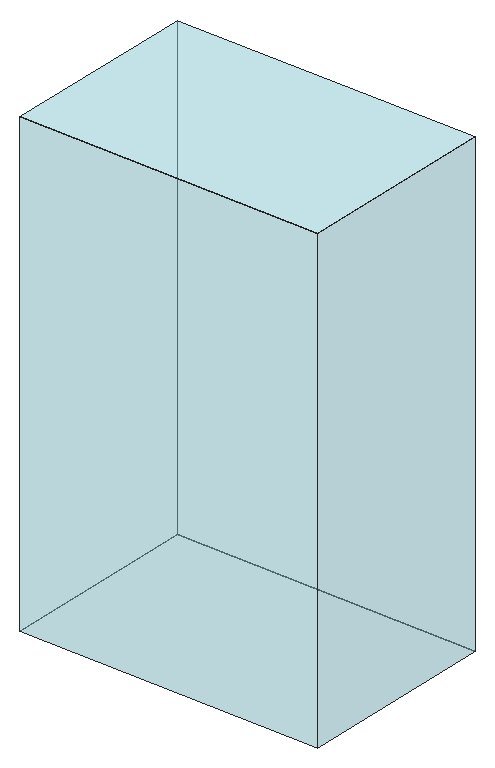
Revit family "АВЛН_Лифт с противовесом", category Специальное оборудование, Revit 2019
Family settings
  Размер круглого соединителя = Использовать диаметр
  Тип детали = Нормальный
  Всегда вертикально = Да
  При загрузке вырезать с полостями = Нет
  Общий = Нет
  Точка расчета площади = Нет
Parameters (values of type "Для Копирования")
  Штрина противовеса = 900 mm
  Ширина короба противовеса = 1000 mm
  Ширина кабины = 2100 mm
  Шахта_Ширина = 2650 mm
  Шахта_Приямок = 0 mm
  Шахта_Отступ проема B = 1060 mm
  Шахта_Отступ проема A = 390 mm
  Шахта_Маш.отд. = 100 mm
  Шахта_Глубина = 1750 mm
  Шахта_Высота проема = 2200 mm
  Шахта_Высота [instance] = 4000 mm
  Толщина короба противовеса = 30 mm
  Спереди_Право = Шахта_Отступ проема B  # 1060 mm
  Спереди_Лево = 390 mm
  Отступ противовеса от шахты = 143 mm
  Отступ противовеса от оси кабины = 350 mm
  Отступ ловителя от оси кабины = 50 mm
  Отступ ловителя = 150 mm
  Отступ кабины спереди = 150 mm
  Отступ кабины слева = 315 mm
  Оборудование_Центр = and(not(Оборудование_Право), not(Оборудование_Лево))  # no
  Оборудование_Право = yes
  Оборудование_Лево = no
  Назед_Лево = 390 mm
  Назад_Право = Шахта_Отступ проема B  # 1060 mm
  Доступность МГН = no
  Группа модели = "Лифт"
  Глубина противовеса = 150 mm
  Глубина короба противовеса = 363 mm
  Глубина кабины = 1100 mm
  Шахта_Ширина проема [instance] = 1200 mm
  AR_Скорость подъема (м/с) = "1"
Reference planes
  plane 1 "По центру (Вперед/Назад)": y = 0
  plane 2: z = 0
  plane 3 "По центру (Влево/Вправо)": x = 0
  plane 4: y = 875
  plane 5: y = -875
  plane 6 "Право": x = 1325
  plane 7 "Лево": x = -1325
  plane 8: x = -935
  plane 9: x = 265
  plane 10 "Верх": z = 4000
  plane 11 "План": z = 1000
  plane 12 "Верх проема": z = 2200
  plane 13 "Маш.отд.": z = 4100
  plane 14 "Приямок": z = 0
  plane 15: y = -725
  plane 16: y = 375
  plane 17: y = -175
  plane 18: x = -1175
  plane 19: x = 962
  plane 20: y = -725
  plane 21: x = -1010
  plane 22: x = 1090
  plane 23: x = 40
  plane 24: x = 1182
  plane 25: x = 1032
  plane 26: y = 175
  plane 27: y = 675
  plane 28: y = -325
  plane 29: y = 625
  plane 30: y = -275
  plane 31: y = 725
  plane 32: y = 512
  plane 33: x = -310
  plane 34: y = -512
  plane 35: y = -225
  plane 36: x = -10
Forms (mm)
  Extrusion 1, solid, material "Концепция. Форма по умолчанию", detail levels medium+fine
    sketch origin (0, 0, 0) x (1, 0, 0) y (0, 1, 0)
      loop
        line (1325, 875) -> (-1325, 875) -> (-1325, -875) -> (1325, -875) -> (1325, 875)
    from 0 to 4100
Lines and regions (mm)
  model lines, style "Пунктир"
    curve 1: line (1325, 875, 0) -> (265, 875, 0)
    curve 2: line (1325, -875, 0) -> (1325, 875, 0)
    curve 3: line (-1325, -875, 0) -> (-935, -875, 0)
    curve 4: line (-1325, 875, 0) -> (-1325, -875, 0)
    curve 5: line (265, -875, 0) -> (1325, -875, 0)
    curve 7: line (1325, 0, 4100) -> (-1325, 0, 4100)
    curve 8: line (1325, 0, 0) -> (1325, 0, 4100)
    curve 9: line (-1325, 0, 4100) -> (-1325, 0, 0)
    curve 19: line (-1325, 0, 0) -> (1325, 0, 0)
    curve 20: line (0, 875, 4100) -> (0, -875, 4100)
    curve 21: line (0, 875, 0) -> (0, 875, 4100)
    curve 22: line (0, -875, 0) -> (0, 875, 0)
    curve 23: line (0, -875, 4100) -> (0, -875, 0)
    curve 24: line (-935, 875, 0) -> (-1325, 875, 0)
    curve 26: line (265, -875, 0) -> (265, -975, 0)
    curve 27: line (-935, -875, 0) -> (-935, -975, 0)
  model lines, style "InvisibleLines", not visible
    curve 6: line (0, 0, 0) -> (0, 0, 4100)
  model lines, not visible
    curve 10: line (800, 1100, 1000) -> (520, 1100, 1000)
    curve 11: line (800, -1100, 1000) -> (800, 1100, 1000)
    curve 12: line (-800, -1100, 1000) -> (-500, -1100, 1000)
    curve 13: line (-800, 1100, 1000) -> (-800, -1100, 1000)
    curve 14: line (600, -1100, 1000) -> (800, -1100, 1000)
    curve 15: line (800, -300, 4000) -> (-800, -300, 4000)
    curve 16: line (800, -300, 0) -> (800, -300, 4000)
    curve 17: line (-800, -300, 0) -> (800, -300, 0)
    curve 18: line (-800, -300, 4000) -> (-800, -300, 0)
    curve 25: line (-340, 1100, 1000) -> (-800, 1100, 1000)
  model lines, style "Пунктир", not visible
    curve 28: line (265, 875, 0) -> (265, 975, 0)
    curve 29: line (-935, 875, 0) -> (-935, 975, 0)
  symbolic lines
    curve 30: line (1075, -300, 2200) -> (-1175, -300, 2200)
    curve 31: line (1075, -300, -200) -> (1075, -300, 2200)
    curve 32: line (-1175, -300, -200) -> (1075, -300, -200)
    curve 33: line (-1175, -300, 2200) -> (-1175, -300, -200)
    curve 34: line (300, 625, 2200) -> (300, -725, 2200)
    curve 35: line (300, 625, -200) -> (300, 625, 2200)
    curve 36: line (300, -725, -200) -> (300, 625, -200)
    curve 37: line (300, -725, 2200) -> (300, -725, -200)
    curve 38: line (1075, -300, 2200) -> (-1175, -300, -200)
    curve 39: line (1075, -300, -200) -> (-1175, -300, 2200)
    curve 40: line (300, 625, 2200) -> (300, -725, -200)
    curve 41: line (300, 625, -200) -> (300, -725, 2200)
  symbolic lines, style "SpecialityEquipmentHiddenLines"
    curve 42: line (-300, -875, 2200) -> (-300, -975, 2200)
  symbolic lines, style "SpecialityEquipmentHiddenLines", not visible
    curve 43: line (-300, 875, 2200) -> (-300, 975, 2200)
Dimensions and locks
  equal spacing: plane 7 "Лево", plane 3 "По центру (Влево/Вправо)", plane 6 "Право"
  equal spacing: plane 4, plane 1 "По центру (Вперед/Назад)", plane 5
  "Шахта_Глубина": plane 4 to plane 5
  "Шахта_Ширина": plane 7 "Лево" to plane 6 "Право"
  "Отступ кабины спереди": plane 5 to plane 15
  "Спереди_Лево": plane 7 "Лево" to plane 8
  "Спереди_Право": plane 9 to plane 6 "Право"
  "Назад_Право": curve 1 to plane 6 "Право"
  "Назед_Лево": plane 7 "Лево" to curve 24
  "Шахта_Ширина проема": plane 8 to plane 9
  locked: curve 26 to curve 26 at 100
  locked: curve 27 to curve 27 at 100
  locked: curve 28 to curve 28 at 100
  locked: curve 29 to curve 29 at 100
  plane 7 "Лево" to curve 33 = 150 mm
  plane 6 "Право" to curve 31 = 250 mm
  locked: curve 30 to plane 2 at 2200
  locked: plane 2 to curve 32 at 200
  locked: plane 2 to curve 36 at 200
  locked: curve 34 to plane 2 at 2200
  locked: plane 5 to curve 37 at 150
  curve 35 to plane 4 = 250 mm
  "Шахта_Высота": level to level
  locked: curve 42 to curve 42 at 100
  locked: curve 43 to curve 43 at 100
  "Шахта_Высота проема": plane 12 "Верх проема" to plane 2
  "Шахта_Маш.отд.": plane 13 "Маш.отд." to plane 10 "Верх"
  "Шахта_Приямок": plane 2 to plane 14 "Приямок"
  level to plane 2 = 0 mm
  "Глубина кабины": plane 16 to plane 15
  equal spacing: plane 16, plane 17, plane 15
  "Отступ ловителя": plane 7 "Лево" to plane 18
  "Глубина короба противовеса": plane 19 to plane 6 "Право"
  "Отступ ловителя": plane 20 to plane 5
  "Ширина кабины": plane 21 to plane 22
  equal spacing: plane 21, plane 23, plane 22
  "Отступ противовеса от шахты": plane 24 to plane 6 "Право"
  "Глубина противовеса": plane 25 to plane 24
  "Отступ противовеса от оси кабины": plane 17 to plane 26
  equal spacing: plane 27, plane 26, plane 28
  "Ширина короба противовеса": plane 27 to plane 28
  equal spacing: plane 29, plane 26, plane 30
  "Штрина противовеса": plane 29 to plane 30
  "Отступ кабины слева": plane 7 "Лево" to plane 21
  "Отступ ловителя": plane 4 to plane 31
  "Глубина короба противовеса": plane 4 to plane 32
  "Отступ противовеса от оси кабины": plane 33 to plane 23
  "Глубина короба противовеса": plane 5 to plane 34
  "Отступ ловителя от оси кабины": plane 17 to plane 35
  "Отступ ловителя от оси кабины": plane 36 to plane 23
  aligned and locked: level to plane 2
  aligned and locked: plane 10 "Верх" to level
  aligned and locked: plane 3 "По центру (Влево/Вправо)" to curve 6
  aligned and locked: curve 23 to plane 5
  aligned and locked: plane 4 to curve 21
  aligned and locked: plane 12 "Верх проема" to curve 42
  aligned and locked: plane 13 "Маш.отд." to curve 7
  aligned and locked: curve 20 to plane 13 "Маш.отд."
  aligned and locked: curve 22 to plane 14 "Приямок"
  aligned and locked: plane 14 "Приямок" to curve 19
  aligned and locked: plane 13 "Маш.отд." to Extrusion 1
  aligned and locked: plane 14 "Приямок" to Extrusion 1
  aligned and locked: nested 1 to plane 15
  aligned and locked: nested 3 to plane 18
  aligned and locked: plane 19 to nested 4
  aligned and locked: nested 9 to plane 20
  aligned and locked: nested 5 to plane 6 "Право"
  aligned and locked: nested 5 to plane 26
  aligned and locked: plane 7 "Лево" to Extrusion 1
  aligned and locked: plane 23 to nested 1
  aligned and locked: plane 31 to nested 10
  aligned and locked: plane 32 to nested 8
  aligned and locked: nested 6 to plane 33
  aligned and locked: plane 4 to nested 6
  aligned and locked: plane 34 to nested 11
  aligned and locked: plane 33 to nested 7
  aligned and locked: nested 7 to plane 5
  aligned and locked: nested 3 to plane 35
  aligned and locked: plane 35 to nested 4
  aligned and locked: plane 36 to nested 9
  aligned and locked: plane 36 to nested 11
  aligned and locked: nested 8 to plane 36
  aligned and locked: nested 10 to plane 36
Automatic sketch dimensions
  curve 2 to curve 3 = 2650 mm
  curve 4 to curve 1 = 1590 mm
  curve 4 to curve 4 = 1750 mm
  curve 3 to curve 5 = 2260 mm
  curve 2 to curve 5 = 1060 mm
  curve 1 to curve 1 = 1060 mm
  curve 24 to curve 4 = 390 mm
  curve 3 to curve 3 = 390 mm
  curve 11 to curve 12 = 1600 mm
  curve 13 to curve 10 = 0 mm
  curve 13 to curve 13 = 2200 mm
  curve 12 to curve 14 = 0 mm
  curve 11 to curve 14 = 200 mm
  curve 10 to curve 10 = 280 mm
  curve 25 to curve 13 = 460 mm
  curve 12 to curve 12 = 300 mm
  plane 12 "Верх проема" to curve 43 = 0 mm
  curve 43 to plane 4 = 0 mm
  curve 42 to plane 5 = 0 mm
  plane 7 "Лево" to curve 9 = 0 mm
  plane 6 "Право" to curve 7 = 0 mm
  Extrusion 1 sketch curve to plane 4 = 0 mm
  Extrusion 1 sketch curve to plane 7 "Лево" = 0 mm
  Extrusion 1 sketch curve to plane 5 = 0 mm
  Extrusion 1 sketch curve to plane 6 "Право" = 0 mm
  curve 4 to plane 7 "Лево" = 0 mm
  curve 3 to plane 8 = 0 mm
  curve 24 to plane 8 = 0 mm
  curve 26 to plane 9 = 0 mm
  curve 5 to plane 5 = 0 mm
  curve 1 to plane 4 = 0 mm
  curve 1 to plane 9 = 0 mm
  curve 1 to plane 6 "Право" = 0 mm
  curve 27 to plane 5 = 0 mm
  curve 29 to plane 4 = 0 mm
Nested families
  nested 1: "(D)_Условно_Лифт_Кабина" at (40, -175, 0), a <- "Ширина кабины", b <- "Глубина кабины", type "(D)_Условно_Лифт_Кабина"
    with b 1100 mm, a 2100 mm
  nested 2: "(AT)_Символ доступности МГН" at (0, 0, 0), visible <- "Доступность МГН", type "Символ доступности МГН"
  nested 3: "Ловители" at (-1175, -225, 0) x (0, -1, 0) z (0, 0, 1), visible <- "Оборудование_Право", type "Ловители"
    with b 2000 mm, a 1500 mm
  nested 4: "Ловители" at (962, -225, 0) x (0, 1, 0) z (0, 0, 1), visible <- "Оборудование_Право", type "Ловители"
    with b 2000 mm, a 1500 mm
  nested 5: "Противовес" at (1325, 175, 0) x (0, 1, 0) z (0, 0, 1), visible <- "Оборудование_Право", type "Противовес"
    with b 2000 mm, a 1500 mm
  nested 6: "Противовес" at (-310, 875, 0) x (-1, 0, 0) z (0, 0, 1), visible <- "Оборудование_Центр", type "Противовес"
    with b 2000 mm, a 1500 mm
  nested 7: "Противовес" at (-310, -875, 0), visible <- "Оборудование_Лево", type "Противовес"
    with b 2000 mm, a 1500 mm
  nested 8: "Ловители" at (-10, 512, 0) x (-1, 0, 0) z (0, 0, 1), visible <- "Оборудование_Центр", type "Ловители"
    with b 2000 mm, a 1500 mm
  nested 9: "Ловители" at (-10, -725, 0), visible <- "Оборудование_Центр", type "Ловители"
    with b 2000 mm, a 1500 mm
  nested 10: "Ловители" at (-10, 725, 0) x (-1, 0, 0) z (0, 0, 1), visible <- "Оборудование_Лево", type "Ловители"
    with b 2000 mm, a 1500 mm
  nested 11: "Ловители" at (-10, -512, 0), visible <- "Оборудование_Лево", type "Ловители"
    with b 2000 mm, a 1500 mm
Definition of nested family "(D)_Условно_Лифт_Кабина"
  Parameters (values of type "(D)_Условно_Лифт_Кабина")
    Оборудование_Центр = yes
    Оборудование_Право = no
    Оборудование_Лево/Право = no
    b [instance] = 2000 mm
    a [instance] = 1500 mm
  Reference planes
    plane 1 "По центру (Вперед/Назад)": y = 0
    plane 2: z = 0
    plane 3 "По центру (Влево/Вправо)": x = 0
  Lines and regions (mm)
    detail lines, in view "Опорный уровень"
      curve 1: line (750, 1000, 0) -> (-750, 1000, 0)
      curve 2: line (750, -1000, 0) -> (750, 1000, 0)
      curve 3: line (-750, -1000, 0) -> (750, -1000, 0)
      curve 4: line (-750, 1000, 0) -> (-750, -1000, 0)
      curve 5: line (750, 1000, 0) -> (-750, -1000, 0)
      curve 6: line (-750, 1000, 0) -> (750, -1000, 0)
    detail lines, in view "Опорный уровень", visible <- "Оборудование_Центр"
      curve 7: line (550, 1130, 0) -> (-550, 1130, 0)
      curve 8: line (550, 1050, 0) -> (550, 1130, 0)
      curve 9: line (-550, 1050, 0) -> (550, 1050, 0)
      curve 10: line (-550, 1130, 0) -> (-550, 1050, 0)
    detail lines, in view "Опорный уровень", visible <- "Оборудование_Право"
      curve 11: line (880, 800, 0) -> (800, 800, 0)
      curve 12: line (880, -250, 0) -> (880, 800, 0)
      curve 13: line (800, -250, 0) -> (880, -250, 0)
      curve 14: line (800, 800, 0) -> (800, -250, 0)
    detail lines, in view "Опорный уровень", visible <- "Оборудование_Лево/Право"
      curve 15: line (-880, 800, 0) -> (-800, 800, 0)
      curve 16: line (-880, -250, 0) -> (-880, 800, 0)
      curve 17: line (-800, -250, 0) -> (-880, -250, 0)
      curve 18: line (-800, 800, 0) -> (-800, -250, 0)
  Dimensions and locks
    equal spacing: curve 4, plane 3 "По центру (Влево/Вправо)", curve 2
    equal spacing: curve 1, plane 1 "По центру (Вперед/Назад)", curve 3
    "b": curve 1 to curve 3
    "a": curve 4 to curve 2
    locked: curve 1 to curve 9 at 50
    locked: curve 7 to curve 9 at 80
    locked: curve 4 to curve 10 at 200
    locked: curve 8 to curve 2 at 200
    locked: curve 2 to curve 14 at 50
    locked: curve 14 to curve 12 at 80
    locked: curve 1 to curve 11 at 200
    locked: curve 13 to plane 1 "По центру (Вперед/Назад)" at 250
    locked: curve 4 to curve 18 at 50
    locked: curve 18 to curve 16 at 80
    locked: curve 1 to curve 15 at 200
    locked: curve 17 to plane 1 "По центру (Вперед/Назад)" at 250
Definition of nested family "(AT)_Символ доступности МГН"
  Parameters (values of type "Символ доступности МГН")
    Символ доступности МГН = yes
  Reference planes
    plane 1: y = 0
    plane 2: x = 0
  Lines and regions (mm)
    Filled region 1, type "Серая", visible <- "Символ доступности МГН"
      outline origin (0, 0, 0) x (0, 1, 0) y (-1, 0, 0)
        loop
          line (2.654, -0.542) -> (2.654, 2.345) -> (1.854, 2.345) -> (1.854, -0.379) -> (0.738, -0.151) -> (0.738, 3.398) -> (-2.141, 4.106) -> (-1.864, 5.374) -> (-2.971, 5.646) -> (-3.517, 3.845) -> (0, 2.888) -> (0, -0.983) -> (4.564, -1.595)
          arc (4.564, -1.595) -> (6.084, -0.106) -> (4.085, -0.835) r 1.088
          line (4.085, -0.835) -> (2.654, -0.542)
        loop
          line (-2.321, 2.488) -> (-2.5, 3.278)
          arc (-2.5, 3.278) -> (-4.549, -2.916) -> (1.885, -1.839) r 3.809
          line (1.885, -1.839) -> (1.052, -1.727)
          arc (1.052, -1.727) -> (-3.999, -2.311) -> (-2.321, 2.488) r 3
Definition of nested family "Ловители"
  Parameters (values of type "Ловители")
    Оборудование_Центр = no
    Оборудование_Право = yes
    Оборудование_Лево/Право = no
    b [instance] = 2000 mm
    a [instance] = 1500 mm
  Reference planes
    plane 1 "По центру (Вперед/Назад)": y = 0
    plane 2: z = 0
    plane 3 "По центру (Влево/Вправо)": x = 0
  Lines and regions (mm)
    detail lines, in view "Опорный уровень"
      curve 1: line (-7.5, 50, 0) -> (7.5, 50, 0)
      curve 2: line (-35, 0, 0) -> (-35, 4.71, 0)
      curve 3: line (35, 0, 0) -> (-35, 0, 0)
      curve 4: line (35, 4.71, 0) -> (35, 0, 0)
      curve 5: line (-35, 4.71, 0) -> (-5, 10, 0)
      curve 6: line (-5, 10, 0) -> (-5, 30, 0)
      curve 7: line (7.5, 30, 0) -> (7.5, 50, 0)
      curve 8: line (5, 10, 0) -> (5, 30, 0)
      curve 9: line (-7.5, 30, 0) -> (-7.5, 50, 0)
      curve 10: line (35, 4.71, 0) -> (5, 10, 0)
      curve 11: line (-7.5, 30, 0) -> (7.5, 30, 0)
Definition of nested family "Противовес"
  Parameters (values of type "Противовес")
    Ш.противовеса = 900 mm
    Ш.Короба противовеса = 1000 mm
    Оборудование_Центр = no
    Оборудование_Право = yes
    Оборудование_Лево/Право = no
    О.Противовеса от шахты = 143 mm
    Г.Противовеса = 150 mm
    Г.Короба противовеса = 363 mm
    t = 30 mm
    b [instance] = 2000 mm
    a [instance] = 1500 mm
  Reference planes
    plane 1 "По центру (Вперед/Назад)": y = 0
    plane 2: z = 0
    plane 3 "По центру (Влево/Вправо)": x = 0
    plane 4: y = 363
    plane 5: x = -470
    plane 6: x = 470
    plane 7: y = 333
    plane 8: x = -500
    plane 9: x = 500
    plane 10: x = -450
    plane 11: x = 450
    plane 12: y = 143
    plane 13: y = 293
    plane 14: y = 218
    plane 15: y = 233
    plane 16: y = 203
    plane 17: y = 220.5
    plane 18: y = 215.5
    plane 19: x = -465
    plane 20: x = 465
  Lines and regions (mm)
    Filled region 1, type "Сплошная заливка - Черный", in view "Опорный уровень"
      outline origin (0, 0, 0) x (1, 0, 0) y (0, 1, 0)
        loop
          line (-470, 233) -> (-470, 203) -> (-465, 203) -> (-465, 215.5) -> (-450, 215.5) -> (-450, 220.5) -> (-465, 220.5) -> (-465, 233) -> (-470, 233)
        loop
          line (470, 203) -> (470, 233) -> (465, 233) -> (465, 220.5) -> (450, 220.5) -> (450, 215.5) -> (465, 215.5) -> (465, 203) -> (470, 203)
    detail lines, in view "Опорный уровень"
      curve 1: line (-500, 0, 0) -> (-470, 0, 0)
      curve 2: line (-500, 363, 0) -> (-500, 0, 0)
      curve 3: line (500, 363, 0) -> (-500, 363, 0)
      curve 4: line (500, 0, 0) -> (500, 363, 0)
      curve 5: line (-470, 333, 0) -> (470, 333, 0)
      curve 6: line (-470, 0, 0) -> (-470, 333, 0)
      curve 7: line (470, 333, 0) -> (470, 0, 0)
      curve 8: line (470, 0, 0) -> (500, 0, 0)
      curve 9: line (-450, 293, 0) -> (450, 293, 0)
      curve 10: line (-450, 143, 0) -> (-450, 293, 0)
      curve 11: line (450, 143, 0) -> (-450, 143, 0)
      curve 12: line (450, 293, 0) -> (450, 143, 0)
  Dimensions and locks
    "t": plane 8 to plane 5
    "t": plane 6 to plane 9
    equal spacing: plane 8, plane 3 "По центру (Влево/Вправо)", plane 9
    "t": plane 4 to plane 7
    "Г.Короба противовеса": plane 4 to plane 1 "По центру (Вперед/Назад)"
    "Ш.Короба противовеса": plane 8 to plane 9
    equal spacing: plane 13, plane 14, plane 12
    "Г.Противовеса": plane 13 to plane 12
    "О.Противовеса от шахты": plane 12 to plane 1 "По центру (Вперед/Назад)"
    equal spacing: plane 15, plane 14, plane 16
    locked: plane 15 to plane 16 at 30
    equal spacing: plane 17, plane 14, plane 18
    locked: plane 17 to plane 18 at 5
    locked: plane 5 to plane 19 at 5
    locked: plane 20 to plane 6 at 5
    equal spacing: plane 10, plane 3 "По центру (Влево/Вправо)", plane 11
    "Ш.противовеса": plane 10 to plane 11
    aligned and locked: plane 4 to curve 3
    aligned and locked: curve 5 to plane 7
    aligned and locked: plane 5 to curve 6
    aligned and locked: curve 2 to plane 8
    aligned and locked: curve 7 to plane 6
    aligned and locked: plane 9 to curve 4
    aligned and locked: plane 10 to curve 10
    aligned and locked: plane 12 to curve 11
    aligned and locked: curve 9 to plane 13
    aligned and locked: curve 12 to plane 11
    aligned and locked: plane 17 to Filled region 1 sketch curve  (x2)
    aligned and locked: Filled region 1 sketch curve to plane 5
    aligned and locked: Filled region 1 sketch curve to plane 18  (x2)
    aligned and locked: plane 19 to Filled region 1 sketch curve  (x2)
    aligned and locked: Filled region 1 sketch curve to plane 15
    aligned and locked: plane 16 to Filled region 1 sketch curve
    aligned and locked: Filled region 1 sketch curve to plane 10
    aligned and locked: plane 6 to Filled region 1 sketch curve
    aligned and locked: Filled region 1 sketch curve to plane 20  (x2)
    aligned and locked: Filled region 1 sketch curve to plane 16
    aligned and locked: plane 15 to Filled region 1 sketch curve
    aligned and locked: plane 11 to Filled region 1 sketch curve
  Automatic sketch dimensions
    plane 1 "По центру (Вперед/Назад)" to curve 1 = 0 mm
    plane 1 "По центру (Вперед/Назад)" to curve 7 = 0 mm
